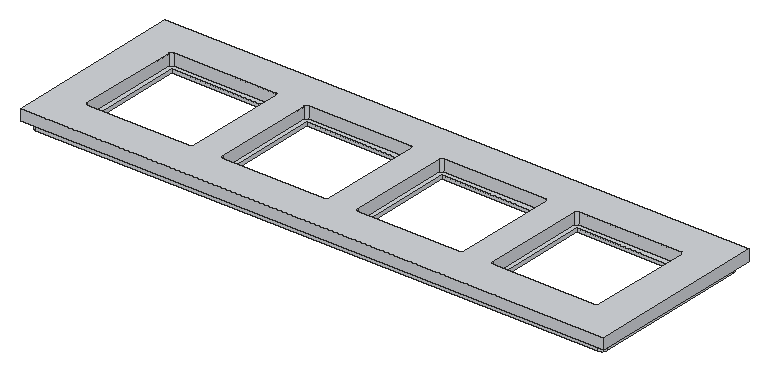
Revit family "Gira_021410", category Electrical Fixtures, host Face, Revit 2017
Family settings
  Host = Face
  Maintain Annotation Orientation = No
  Round Connector Dimension = Use Diameter
  Part Type = Normal
  Cut with Voids When Loaded = No
  Shared = No
  Room Calculation Point = No
Parameters (values of type "Cov.fr. 4-g Gira Esprit chrome")
  With mounting grid = "No"
  With hinged lid = "No"
  URL = "http://katalog.gira.de/en/datenblatt.html?artikelnr=021410"
  Type of fastening = "Clamp mounting"
  Transparent = "No"
  Surface protection = "Other"
  Suitable for wall duct = "No"
  Suitable for flush-mounted installation = "Yes"
  Suitable for floor box = "No"
  Suitable for built-in installation = "No"
  Number of units vertical = "4"
  Number of units horizontal = "4"
  Number of units = "4"
  Name = "Cov.fr. 4-g Gira Esprit chrome"
  Mounting direction = "Horizontal and vertical"
  Material quality = "Other"
  Material = "Metal"
  Manufacturer URL = "https://www.gira.de/"
  Manufacturer = "Gira"
  Label space/information surface = "No"
  Keynote = ""
  HeinzeBIM = "https://bimportal.heinze.de/bim/cov-fr-4-g-gira-esprit-chrome/47cc7264fed509c74b28c1fc77dcabc0680cb7aa"
  Halogen free = "No"
  HAN = "021410"
  GTIN = "4010337003045"
  Description = "Cov.fr.4g Espr. CH,Gira Esprit cover frame,chrome,4-gang,Features:,- Highly-polished surface."
  Degree of protection (IP) = "IP20"
  Default Elevation = 1219.2 mm
  Data sheet (1) = "https://katalog.gira.de/en/download.html?artikelnr=021410"
  Colour = "Chrome"
  Category = "Cover frame for domestic switching devices"
  BIM (1) = "https://media.stage.bim.site/public/gira/36a6b08/Espr._Rahmen_4fach.rfa"
  Available = "No"
Reference planes
  plane 1 "Center (Front/Back)": y = 0
  plane 2: z = 0
  plane 3 "Center (Left/Right)": x = 0
Forms (mm)
  Extrusion 1, solid, detail levels fine
    sketch origin (0, 0, 0) x (1, 0, 0) y (0, 1, 0)
      loop
        line (-154, 47.5) -> (-154, -47.5) -> (154, -47.5) -> (154, 47.5) -> (-154, 47.5)
      loop
        arc (-135.25, -26.8) -> (-134.811, -27.861) -> (-133.75, -28.3) r 1.5
        line (-133.75, -28.3) -> (-80.15, -28.3)
        arc (-80.15, -28.3) -> (-79.089, -27.861) -> (-78.65, -26.8) r 1.5
        line (-78.65, -26.8) -> (-78.65, 26.8)
        arc (-78.65, 26.8) -> (-79.089, 27.861) -> (-80.15, 28.3) r 1.5
        line (-80.15, 28.3) -> (-133.75, 28.3)
        arc (-133.75, 28.3) -> (-134.811, 27.861) -> (-135.25, 26.8) r 1.5
        line (-135.25, 26.8) -> (-135.25, -26.8)
      loop
        arc (-63.95, -26.8) -> (-63.511, -27.861) -> (-62.45, -28.3) r 1.5
        line (-62.45, -28.3) -> (-8.85, -28.3)
        arc (-8.85, -28.3) -> (-7.789, -27.861) -> (-7.35, -26.8) r 1.5
        line (-7.35, -26.8) -> (-7.35, 26.8)
        arc (-7.35, 26.8) -> (-7.789, 27.861) -> (-8.85, 28.3) r 1.5
        line (-8.85, 28.3) -> (-62.45, 28.3)
        arc (-62.45, 28.3) -> (-63.511, 27.861) -> (-63.95, 26.8) r 1.5
        line (-63.95, 26.8) -> (-63.95, -26.8)
      loop
        arc (7.35, -26.8) -> (7.789, -27.861) -> (8.85, -28.3) r 1.5
        line (8.85, -28.3) -> (62.45, -28.3)
        arc (62.45, -28.3) -> (63.511, -27.861) -> (63.95, -26.8) r 1.5
        line (63.95, -26.8) -> (63.95, 26.8)
        arc (63.95, 26.8) -> (63.511, 27.861) -> (62.45, 28.3) r 1.5
        line (62.45, 28.3) -> (8.85, 28.3)
        arc (8.85, 28.3) -> (7.789, 27.861) -> (7.35, 26.8) r 1.5
        line (7.35, 26.8) -> (7.35, -26.8)
      loop
        arc (78.65, -26.8) -> (79.089, -27.861) -> (80.15, -28.3) r 1.5
        line (80.15, -28.3) -> (133.75, -28.3)
        arc (133.75, -28.3) -> (134.811, -27.861) -> (135.25, -26.8) r 1.5
        line (135.25, -26.8) -> (135.25, 26.8)
        arc (135.25, 26.8) -> (134.811, 27.861) -> (133.75, 28.3) r 1.5
        line (133.75, 28.3) -> (80.15, 28.3)
        arc (80.15, 28.3) -> (79.089, 27.861) -> (78.65, 26.8) r 1.5
        line (78.65, 26.8) -> (78.65, -26.8)
    from 0 to 6
  Extrusion 2, solid, detail levels fine
    sketch origin (0, 0, 0) x (1, 0, 0) y (0, 1, 0)
      loop
        line (-132.85, -25.7) -> (-81.05, -25.7) -> (-81.05, 25.7) -> (-132.85, 25.7) -> (-132.85, -25.7)
      loop
        line (61.55, 25.7) -> (9.75, 25.7) -> (9.75, -25.7) -> (61.55, -25.7) -> (61.55, 25.7)
      loop
        arc (-149.85, -41.4) -> (-149.323, -42.673) -> (-148.05, -43.2) r 1.8
        line (-148.05, -43.2) -> (148.05, -43.2)
        arc (148.05, -43.2) -> (149.323, -42.673) -> (149.85, -41.4) r 1.8
        line (149.85, -41.4) -> (149.85, 41.4)
        arc (149.85, 41.4) -> (149.323, 42.673) -> (148.05, 43.2) r 1.8
        line (148.05, 43.2) -> (-148.05, 43.2)
        arc (-148.05, 43.2) -> (-149.323, 42.673) -> (-149.85, 41.4) r 1.8
        line (-149.85, 41.4) -> (-149.85, -41.4)
      loop
        line (-9.75, 25.7) -> (-61.55, 25.7) -> (-61.55, -25.7) -> (-9.75, -25.7) -> (-9.75, 25.7)
      loop
        line (132.85, 25.7) -> (81.05, 25.7) -> (81.05, -25.7) -> (132.85, -25.7) -> (132.85, 25.7)
    from -1.9 to 0
  Extrusion 3, solid, detail levels fine
    sketch origin (0, 0, 0) x (1, 0, 0) y (0, 1, 0)
      loop
        arc (-148.05, 44.4) -> (-150.171, 43.521) -> (-151.05, 41.4) r 3
        line (-151.05, 41.4) -> (-151.05, -41.4)
        arc (-151.05, -41.4) -> (-150.171, -43.521) -> (-148.05, -44.4) r 3
        line (-148.05, -44.4) -> (148.05, -44.4)
        arc (148.05, -44.4) -> (150.171, -43.521) -> (151.05, -41.4) r 3
        line (151.05, -41.4) -> (151.05, 41.4)
        arc (151.05, 41.4) -> (150.171, 43.521) -> (148.05, 44.4) r 3
        line (148.05, 44.4) -> (-148.05, 44.4)
      loop
        arc (-149.85, -41.4) -> (-149.323, -42.673) -> (-148.05, -43.2) r 1.8
        line (-148.05, -43.2) -> (148.05, -43.2)
        arc (148.05, -43.2) -> (149.323, -42.673) -> (149.85, -41.4) r 1.8
        line (149.85, -41.4) -> (149.85, 41.4)
        arc (149.85, 41.4) -> (149.323, 42.673) -> (148.05, 43.2) r 1.8
        line (148.05, 43.2) -> (-148.05, 43.2)
        arc (-148.05, 43.2) -> (-149.323, 42.673) -> (-149.85, 41.4) r 1.8
        line (-149.85, 41.4) -> (-149.85, -41.4)
    from -3.7 to 0
  Extrusion 4, solid, detail levels medium
    sketch origin (0, 0, 0) x (1, 0, 0) y (0, 1, 0)
      loop
        line (-154, 47.5) -> (-154, -47.5) -> (154, -47.5) -> (154, 47.5) -> (-154, 47.5)
    from 0 to 6
  Extrusion 5, solid, detail levels medium
    sketch origin (0, 0, 0) x (1, 0, 0) y (0, 1, 0)
      loop
        line (-154, 44.4) -> (-154, -44.4) -> (154, -44.4) -> (154, 44.4) -> (-154, 44.4)
    from -3.7 to 0
  Extrusion 6, solid, detail levels coarse
    sketch origin (0, 0, 0) x (1, 0, 0) y (0, 1, 0)
      loop
        line (-154, 47.5) -> (-154, -47.5) -> (154, -47.5) -> (154, 47.5) -> (-154, 47.5)
    from -3.7 to 6
Dimensions and locks
  aligned and locked: plane 2 to host face
  aligned and locked: level to host face
